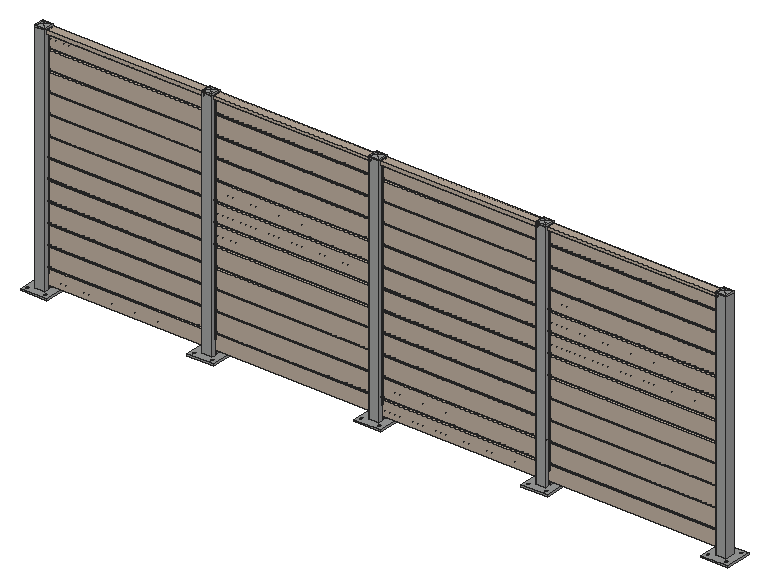
Revit family "Palmshield-Mercury-Solid-Aluminum-Array", category Specialty Equipment, Revit 2025
Family settings
  Round Connector Dimension = Use Diameter
  Part Type = Normal
  OmniClass Number = 23.55.00.00
  OmniClass Title = Manufactured Structures
  Enable Cutting in Views = No
  Cut with Voids When Loaded = No
  Maintain Annotation Orientation = No
  Shared = No
  Room Calculation Point = No
Parameters (values of type "Assembly")
  Warranty URL = "https://palmshieldlouvers.com/wp-content/uploads/2020/01/PalmSHIELD-Warranty-NO-SIGN-LINE.pdf"
  Version = "2020 - v1.0a"  # constant formula
  URL = "https://palmshieldlouvers.com/"
  Type Comments = ""
  Right Post UP [instance] = yes
  Right Post Position [instance] = 3
  Right Post Description [instance] = if(Right Post Position = 1, "Middle Post", if(Right Post Position = 2, "Corner Post", if(Right Post Position = 3, "End Post", "Not a Valid Option")))  # "End Post"
  Right Post DOWN [instance] = not(Right Post UP)  # no
  Left Post UP [instance] = yes
  Left Post Position [instance] = 3
  Left Post DOWN [instance] = not(Left Post UP)  # no
  C Left Post Position [instance] = if(and(Left Post UP, Left Post Position = 2), 3, if(and(Left Post DOWN, Left Post Position = 2), 4, if(Left Post Position = 3, 2, Left Post Position)))  # 2
  Left Post Description [instance] = if(Left Post Position = 1, "Middle Post", if(Left Post Position = 2, "Corner Post", if(Left Post Position = 3, "End Post", "Not a Valid Option")))  # "End Post"
  Left Post [instance] = yes
  Product Page URL = "https://palmshieldlouvers.com/products/augustus-solid/"
  Product Documentation Link = "https://palmshieldlouvers.com/wp-content/uploads/2020/05/PalmSHIELD-Solid-Composite-Technical-Data-Sheet.pdf"
  Post Finish = Metal - PalmSHIELD - Dusty Grey
  Panel Width [instance] = if(Desired Panel Width > C Max Panel Width, C Max Panel Width, if(Desired Panel Width < C Min Panel Width, C Min Panel Width, Desired Panel Width))  # 4' - 0"
  Panel Height [instance] = if(Desired Panel Height > C Max Panel Height, C Max Panel Height, if(Desired Panel Height < C Min Panel Height, C Min Panel Height, Desired Panel Height))  # 6' - 0"
  Model = "Augustus - Aluminum"  # constant formula
  Manufacturer Phone Number = "531-329-4406 "  # constant formula
  Manufacturer Email = "mailto: info@palmshieldlouvers.com"
  Manufacturer Address = "12330 Cary Circle, La Vista, NE 68128"  # constant formula
  Manufacturer = "PalmSHIELD"  # constant formula
  Louver Finsh = Metal - PalmSHIELD - Grey Beige
  Keynote = "05 10 00"
  Instruction Sheet Link = "https://palmshieldlouvers.com/wp-content/uploads/2020/01/PalmSHIELD-Post-Panel-Gate-Installation-Instructions-REV-1.pdf"
  ID [instance] = "Not Assigned"
  Frame Finish = Metal - PalmSHIELD - Dusty Grey
  Filler Panel [instance] = yes
  C Right Post Position [instance] = if(and(Right Post UP, Right Post Position = 2), 3, if(and(Right Post DOWN, Right Post Position = 2), 4, if(Right Post Position = 3, 2, Right Post Position)))  # 2
  Right Post [instance] = yes
  Desired Panel Width [instance] = 4' - 0"
  Desired Panel Height [instance] = 6' - 0"
  Real Length [instance] = if(system length 1 < (C Post Width + C Min Panel Width), (C Post Width + C Min Panel Width), system length 1)  # 17' - 4"
  Description = "Augustus - Aluminum - Panel Assembly"  # constant formula
  system length 1 [instance] = 17' - 4"
  Copyright = "Copyright ©2024 The American Fence Company and PalmSHIELD. All Rights Reserved."  # constant formula
  Component Name [instance] = "Augustus - Aluminum - Panel Assembly"  # constant formula
  C Single Post [instance] = if(C Condition Double, 1 = 1, if(and(Right Post, C Condition Single), 1 = 1, 1 = 0))  # no
  C Single Panel [instance] = or(C Condition Double, C Condition Single)  # no
  C Post Width [instance] = 0' - 3"  # constant formula
  C Multiple Post [instance] = (C Condition Multiple)  # yes
  C Multiple Panels [instance] = (C Condition Multiple)  # yes
  C Min Panel Width [instance] = 4' - 0"  # constant formula
  C Min Panel Height [instance] = C Min Panel Width  # 4' - 0"
  C Max Panel Width [instance] = 6' - 0"  # constant formula
  C Max Panel Height [instance] = 8' - 0"  # constant formula
  C Filler Post [instance] = and(not(C Condition Single), Filler Panel, Right Post, or(C Filler Panel Width = C Min Panel Width, C Filler Panel Width > C Min Panel Width))  # yes
  C Filler Panel Width Calculated [instance] = Real Length - C Calculated Total Length - Panel Width - C Post Width  # 4' - 4"
  C Filler Panel Width [instance] = if(C Filler Panel Width Calculated < C Min Panel Width, C Min Panel Width, if(C Filler Panel Width Calculated > C Max Panel Width, C Max Panel Width, C Filler Panel Width Calculated))  # 4' - 4"
  C Filler Panel [instance] = and(not(C Condition Single), Filler Panel, or(C Filler Panel Width = C Min Panel Width, C Filler Panel Width > C Min Panel Width))  # yes
  C Condition Single [instance] = C Array Count < 1  # no
  C Condition Multiple [instance] = C Array Count > 1  # yes
  C Condition Double [instance] = C Array Count = 1  # no
  C Complete Post [instance] = and(not(C Condition Single), not(Filler Panel), Right Post)  # no
  C Complete Panel [instance] = and(not(C Condition Single), not(Filler Panel))  # no
  C Calculated Total Length [instance] = if(C Array Count < 1, 0' 0", if(C Array Count = 1, C Post Width, Panel Width * (C Array Safe - 1) + C Post Width * (C Array Safe)))  # 8' - 9"
  C Calculated Filler Panel Length [instance] = if(C Array Count < 1, 0' 0", if(or(C Array Count = 2, C Array Count = 1), C Post Width, if(Filler Panel, (C Calculated Total Length - C Post Width - C Filler Panel Width), (C Calculated Total Length - C Post Width - Panel Width))))  # 4' - 2"
  C Array Safe [instance] = if(C Array Count < 2, 2, C Array Count)  # 3
  C Array Count [instance] = if(Filler Panel, roundup(((Real Length - C Min Panel Width) / (Panel Width + C Post Width)) - 1), roundup(((Real Length - (Panel Width)) / (Panel Width + C Post Width)) - 1))  # 3
  Assembly Code = "F1020100"
Reference planes (in)
  plane 1 "Center (Front/Back)": y = 0
  plane 2: z = 0
  plane 3 "Left": x = 0
  plane 4 "Right": x = 208
  plane 5 "Top": z = 72
  plane 6: x = 48
  plane 7: x = 51
  plane 8: x = 99
  plane 9: x = 102
  plane 10: x = -3
  plane 11: x = 153
  plane 12: x = 47
  plane 13: x = 205
  plane 14: x = 201
  plane 15: x = -1.5
  plane 16: x = 208
  plane 17: x = 206.5
  plane 18: x = 202.5
  plane 19: x = 204
  plane 20: x = 49.5
  plane 21: x = 100.5
  plane 22: y = -1.5
  plane 23: y = 1.5
Lines and regions (in)
  reference lines
    curve 1: line (0, 0, 0) -> (208, 0, 0)
Dimensions and locks (in)
  "system length 1": plane 3 "Left" to plane 4 "Right"
  "Panel Width": plane 6 to plane 3 "Left"
  "C Post Width": plane 7 to plane 6
  "Panel Width": plane 8 to plane 7
  "C Post Width": plane 9 to plane 8
  "C Post Width": plane 3 "Left" to plane 10
  "C Calculated Filler Panel Length": plane 12 to plane 10
  "C Filler Panel Width": plane 13 to plane 11
  "Panel Width": plane 14 to plane 11
  "C Calculated Total Length": plane 11 to plane 6
  equal spacing: plane 10, plane 15, plane 3 "Left"
  equal spacing: plane 16, plane 17, plane 13
  "C Post Width": plane 16 to plane 13
  equal spacing: plane 19, plane 18, plane 14
  "C Post Width": plane 19 to plane 14
  equal spacing: plane 9, plane 21, plane 8
  equal spacing: plane 7, plane 20, plane 6
  equal spacing: plane 22, plane 1 "Center (Front/Back)", plane 23
  "C Post Width": plane 22 to plane 23
  "Panel Height": plane 5 "Top" to level
  equal spacing: group 1, group 2, group 3  (x3)
  equal spacing: group 4, group 5, group 6  (x3)
  aligned and locked: plane 4 "Right" to curve 1
  aligned and locked: plane 1 "Center (Front/Back)" to curve 1
  aligned and locked: plane 3 "Left" to curve 1
  aligned and locked: level to plane 2
  aligned and locked: plane 3 "Left" to nested 1
  aligned and locked: nested 3 to plane 14
  aligned and locked: plane 1 "Center (Front/Back)" to nested 5
  aligned and locked: plane 1 "Center (Front/Back)" to nested 4
  aligned and locked: plane 1 "Center (Front/Back)" to nested 7
  aligned and locked: plane 17 to nested 5
  aligned and locked: plane 18 to nested 4
  aligned and locked: plane 20 to nested 7
  aligned and locked: plane 15 to nested 8
  aligned and locked: nested 8 to plane 1 "Center (Front/Back)"
  aligned and locked: plane 1 "Center (Front/Back)" to nested 6
  aligned and locked: plane 3 "Left" to nested 6
  aligned and locked: plane 11 to nested 2
  aligned and locked: plane 1 "Center (Front/Back)" to nested 2
  aligned and locked: plane 7 to nested 11
  aligned and locked: plane 1 "Center (Front/Back)" to nested 11
  aligned and locked: plane 1 "Center (Front/Back)" to nested 1
  aligned and locked: plane 1 "Center (Front/Back)" to nested 3
  aligned and locked: nested 69 to plane 1 "Center (Front/Back)"
  aligned and locked: plane 20 to nested 69
  aligned and locked: nested 73 to plane 1 "Center (Front/Back)"
  aligned and locked: plane 21 to nested 73
Nested families (in)
  nested 1: "Screening-Louver-Assembly-Panel-Palmshield-Mercury_Economic-Solid-Aluminum" at (0, 0, 0), Desired Overall Height <- "Panel Height", Desired Overall Width <- "Panel Width", visible <- "C Single Panel", Component Vis <- "C Single Panel", ID <- "ID", type ""
    with Width 4' - 0", ID "Not Assigned", Height 6' - 0", Desired Overall Width 4' - 0", Desired Overall Height 6' - 0", Desired Bottom Angle 0.00°, Component Vis no, Component Name "Mercury Economic Solid - Aluminum - Panel Assembly", C Min Width 4' - 0", C Min Height 4' - 0", C Max Width 6' - 0", C Max Height 8' - 0", C Angle 0.00°
  nested 2: "Screening-Louver-Assembly-Panel-Palmshield-Mercury_Economic-Solid-Aluminum" at (153, 0, 0), Desired Overall Height <- "Panel Height", Desired Overall Width <- "C Filler Panel Width", visible <- "C Filler Panel", Component Vis <- "C Filler Panel", ID <- "ID", type ""
    with Width 4' - 4", ID "Not Assigned", Height 6' - 0", Desired Overall Width 4' - 4", Desired Overall Height 6' - 0", Desired Bottom Angle 0.00°, Component Vis yes, Component Name "Mercury Economic Solid - Aluminum - Panel Assembly", C Min Width 4' - 0", C Min Height 4' - 0", C Max Width 6' - 0", C Max Height 8' - 0", C Angle 0.00°
  nested 3: "Screening-Louver-Assembly-Panel-Palmshield-Mercury_Economic-Solid-Aluminum" at (153, 0, 0), Desired Overall Height <- "Panel Height", Desired Overall Width <- "Panel Width", visible <- "C Complete Panel", Component Vis <- "C Complete Panel", ID <- "ID", type ""
    with Width 4' - 0", ID "Not Assigned", Height 6' - 0", Desired Overall Width 4' - 0", Desired Overall Height 6' - 0", Desired Bottom Angle 0.00°, Component Vis no, Component Name "Mercury Economic Solid - Aluminum - Panel Assembly", C Min Width 4' - 0", C Min Height 4' - 0", C Max Width 6' - 0", C Max Height 8' - 0", C Angle 0.00°
  nested 4: "Screening-Louver-Assembly-Post-Palmshield-Mercury_Economic-Solid" at (202.5, 0, 0), Desired Overall Height <- "Panel Height", visible <- "C Complete Post", Component Vis <- "C Complete Post", ID <- "ID", type ""
    with Post Position 1, ID "Not Assigned", Height 6' - 0", Desired Overall Height 6' - 0", Component Vis no, Component Name "Mercury Economic Solid - Aluminum - Square Post", C Min Height 3' - 4", C Max Height 8' - 0"
  nested 5: "Screening-Louver-Assembly-Post-Palmshield-Mercury_Economic-Solid" at (206.5, 0, 0), Desired Overall Height <- "Panel Height", visible <- "C Filler Post", Component Vis <- "C Filler Post", ID <- "ID", Post Position <- "C Right Post Position", type ""
    with Post Position 2, ID "Not Assigned", Height 6' - 0", Desired Overall Height 6' - 0", Component Vis yes, Component Name "Mercury Economic Solid - Aluminum - Square Post", C Min Height 3' - 4", C Max Height 8' - 0"
  nested 6: "Screening-Louver-Assembly-Panel-Palmshield-Mercury_Economic-Solid-Aluminum" at (0, 0, 0), Desired Overall Height <- "Panel Height", Desired Overall Width <- "Panel Width", visible <- "C Multiple Panels", Component Vis <- "C Multiple Panels", ID <- "ID", type "Assembly"
    with Width 4' - 0", ID "Not Assigned", Height 6' - 0", Desired Overall Width 4' - 0", Desired Overall Height 6' - 0", Desired Bottom Angle 0.00°, Component Vis yes, Component Name "Mercury Economic Solid - Aluminum - Panel Assembly", C Min Width 4' - 0", C Min Height 4' - 0", C Max Width 6' - 0", C Max Height 8' - 0", C Angle 0.00°
  nested 7: "Screening-Louver-Assembly-Post-Palmshield-Mercury_Economic-Solid" at (49.5, 0, 0), Desired Overall Height <- "Panel Height", visible <- "C Single Post", Component Vis <- "C Single Post", ID <- "ID", type ""
    with Post Position 1, ID "Not Assigned", Height 6' - 0", Desired Overall Height 6' - 0", Component Vis no, Component Name "Mercury Economic Solid - Aluminum - Square Post", C Min Height 3' - 4", C Max Height 8' - 0"
  nested 8: "Screening-Louver-Assembly-Post-Palmshield-Mercury_Economic-Solid" at (-1.5, 0, 0) x (-1, 0, 0) z (0, 0, 1), Desired Overall Height <- "Panel Height", visible <- "Left Post", Component Vis <- "Left Post", ID <- "ID", type ""
    with Post Position 1, ID "Not Assigned", Height 6' - 0", Desired Overall Height 6' - 0", Component Vis yes, Component Name "Mercury Economic Solid - Aluminum - Square Post", C Min Height 3' - 4", C Max Height 8' - 0"
  nested 9: "Nested-Base_Plate-Palmshield-Mercury_Economic-Solid-Vinyl" at (-1.5, 0, 0) x (-1, 0, 0) z (0, 0, 1), type ""
    with Material Metal - PalmSHIELD - Dusty Grey, ID "Not Assigned", Component Name "Mercury Economic Solid - Aluminum - Base Plate"
  nested 10: "Nested-Top_Cap-Palmshield-Mercury_Economic-Solid-Vinyl" at (-1.5, 0, 72) x (-1, 0, 0) z (0, 0, 1), type ""
    with Material Metal - PalmSHIELD - Dusty Grey, ID "Not Assigned", Component Name "Mercury Economic Solid - Aluminum - Top Cap"
  nested 11: "Screening-Louver-Assembly-Panel-Palmshield-Mercury_Economic-Solid-Aluminum" at (51, 0, 0), Desired Overall Height <- "Panel Height", Desired Overall Width <- "Panel Width", visible <- "C Multiple Panels", Component Vis <- "C Multiple Panels", ID <- "ID", type "Assembly"
    with Width 4' - 0", ID "Not Assigned", Height 6' - 0", Desired Overall Width 4' - 0", Desired Overall Height 6' - 0", Desired Bottom Angle 0.00°, Component Vis yes, Component Name "Mercury Economic Solid - Aluminum - Panel Assembly", C Min Width 4' - 0", C Min Height 4' - 0", C Max Width 6' - 0", C Max Height 8' - 0", C Angle 0.00°
  nested 12: "Nested-Louvers-Palmshield-Mercury_Economic-Solid-Aluminum" at (50.5, 0, 6.625) x (0, 1, 0) z (1, 0, 0), type ""
    with Material Metal - PalmSHIELD - Grey Beige, Length 4' - 1", ID "Not Assigned", Field Cut no, Desired Cut Distance 0' - 1 3/4", Component Name "Mercury Economic Solid - Aluminum - Louvers", C Cut Distance 0' - 0 3/4"
  nested 13: "Nested-Louvers-Palmshield-Mercury_Economic-Solid-Aluminum" at (50.5, 0, 36.625) x (0, 1, 0) z (1, 0, 0), type ""
    with Material Metal - PalmSHIELD - Grey Beige, Length 4' - 1", ID "Not Assigned", Field Cut no, Desired Cut Distance 0' - 1 3/4", Component Name "Mercury Economic Solid - Aluminum - Louvers", C Cut Distance 0' - 0 3/4"
  nested 14: "Nested-Louvers-Palmshield-Mercury_Economic-Solid-Aluminum" at (50.5, 0, 42.625) x (0, 1, 0) z (1, 0, 0), type ""
    with Material Metal - PalmSHIELD - Grey Beige, Length 4' - 1", ID "Not Assigned", Field Cut no, Desired Cut Distance 0' - 1 3/4", Component Name "Mercury Economic Solid - Aluminum - Louvers", C Cut Distance 0' - 0 3/4"
  nested 15: "Nested-Louvers-Palmshield-Mercury_Economic-Solid-Aluminum" at (50.5, 0, 48.625) x (0, 1, 0) z (1, 0, 0), type ""
    with Material Metal - PalmSHIELD - Grey Beige, Length 4' - 1", ID "Not Assigned", Field Cut no, Desired Cut Distance 0' - 1 3/4", Component Name "Mercury Economic Solid - Aluminum - Louvers", C Cut Distance 0' - 0 3/4"
  nested 16: "Nested-Louvers-Palmshield-Mercury_Economic-Solid-Aluminum" at (50.5, 0, 54.625) x (0, 1, 0) z (1, 0, 0), type ""
    with Material Metal - PalmSHIELD - Grey Beige, Length 4' - 1", ID "Not Assigned", Field Cut no, Desired Cut Distance 0' - 1 3/4", Component Name "Mercury Economic Solid - Aluminum - Louvers", C Cut Distance 0' - 0 3/4"
  nested 17: "Nested-Louvers-Palmshield-Mercury_Economic-Solid-Aluminum" at (50.5, 0, 60.625) x (0, 1, 0) z (1, 0, 0), type ""
    with Material Metal - PalmSHIELD - Grey Beige, Length 4' - 1", ID "Not Assigned", Field Cut no, Desired Cut Distance 0' - 1 3/4", Component Name "Mercury Economic Solid - Aluminum - Louvers", C Cut Distance 0' - 0 3/4"
  nested 18: "Nested-U_Channel-Palmshield-Mercury_Economic-Solid-Aluminum" at (50.5, 0, 72) x (0, 1, 0) z (1, 0, 0), type ""
    with Material Metal - PalmSHIELD - Grey Beige, Length 4' - 1", ID "Not Assigned", Component Name "Mercury Economic Solid - Aluminum - U Channel"
  nested 19: "Nested-Louvers-Palmshield-Mercury_Economic-Solid-Aluminum" at (50.5, 0, 66.625) x (0, 1, 0) z (1, 0, 0), type ""
    with Material Metal - PalmSHIELD - Grey Beige, Length 4' - 1", ID "Not Assigned", Field Cut yes, Desired Cut Distance 0' - 2 5/8", Component Name "Mercury Economic Solid - Aluminum - Louvers", C Cut Distance 0' - 2 5/8"
  nested 20: "Nested-Louvers-Palmshield-Mercury_Economic-Solid-Aluminum" at (50.5, 0, 6.625) x (0, -1, 0) z (1, 0, 0), type ""
    with Material Metal - PalmSHIELD - Grey Beige, Length 4' - 1", ID "Not Assigned", Field Cut yes, Desired Cut Distance 0' - 2 3/8", Component Name "Mercury Economic Solid - Aluminum - Louvers", C Cut Distance 0' - 2 3/8"
  nested 21: "Nested-Louvers-Palmshield-Mercury_Economic-Solid-Aluminum" at (-0.5, 0, 6.625) x (0, 1, 0) z (1, 0, 0), type ""
    with Material Metal - PalmSHIELD - Grey Beige, Length 4' - 1", ID "Not Assigned", Field Cut no, Desired Cut Distance 0' - 1 3/4", Component Name "Mercury Economic Solid - Aluminum - Louvers", C Cut Distance 0' - 0 3/4"
  nested 22: "Nested-Louvers-Palmshield-Mercury_Economic-Solid-Aluminum" at (-0.5, 0, 36.625) x (0, 1, 0) z (1, 0, 0), type ""
    with Material Metal - PalmSHIELD - Grey Beige, Length 4' - 1", ID "Not Assigned", Field Cut no, Desired Cut Distance 0' - 1 3/4", Component Name "Mercury Economic Solid - Aluminum - Louvers", C Cut Distance 0' - 0 3/4"
  nested 23: "Nested-Louvers-Palmshield-Mercury_Economic-Solid-Aluminum" at (-0.5, 0, 42.625) x (0, 1, 0) z (1, 0, 0), type ""
    with Material Metal - PalmSHIELD - Grey Beige, Length 4' - 1", ID "Not Assigned", Field Cut no, Desired Cut Distance 0' - 1 3/4", Component Name "Mercury Economic Solid - Aluminum - Louvers", C Cut Distance 0' - 0 3/4"
  nested 24: "Nested-Louvers-Palmshield-Mercury_Economic-Solid-Aluminum" at (-0.5, 0, 48.625) x (0, 1, 0) z (1, 0, 0), type ""
    with Material Metal - PalmSHIELD - Grey Beige, Length 4' - 1", ID "Not Assigned", Field Cut no, Desired Cut Distance 0' - 1 3/4", Component Name "Mercury Economic Solid - Aluminum - Louvers", C Cut Distance 0' - 0 3/4"
  nested 25: "Nested-Louvers-Palmshield-Mercury_Economic-Solid-Aluminum" at (-0.5, 0, 54.625) x (0, 1, 0) z (1, 0, 0), type ""
    with Material Metal - PalmSHIELD - Grey Beige, Length 4' - 1", ID "Not Assigned", Field Cut no, Desired Cut Distance 0' - 1 3/4", Component Name "Mercury Economic Solid - Aluminum - Louvers", C Cut Distance 0' - 0 3/4"
  nested 26: "Nested-Louvers-Palmshield-Mercury_Economic-Solid-Aluminum" at (-0.5, 0, 60.625) x (0, 1, 0) z (1, 0, 0), type ""
    with Material Metal - PalmSHIELD - Grey Beige, Length 4' - 1", ID "Not Assigned", Field Cut no, Desired Cut Distance 0' - 1 3/4", Component Name "Mercury Economic Solid - Aluminum - Louvers", C Cut Distance 0' - 0 3/4"
  nested 27: "Nested-U_Channel-Palmshield-Mercury_Economic-Solid-Aluminum" at (-0.5, 0, 72) x (0, 1, 0) z (1, 0, 0), type ""
    with Material Metal - PalmSHIELD - Grey Beige, Length 4' - 1", ID "Not Assigned", Component Name "Mercury Economic Solid - Aluminum - U Channel"
  nested 28: "Nested-Louvers-Palmshield-Mercury_Economic-Solid-Aluminum" at (-0.5, 0, 66.625) x (0, 1, 0) z (1, 0, 0), type ""
    with Material Metal - PalmSHIELD - Grey Beige, Length 4' - 1", ID "Not Assigned", Field Cut yes, Desired Cut Distance 0' - 2 5/8", Component Name "Mercury Economic Solid - Aluminum - Louvers", C Cut Distance 0' - 2 5/8"
  nested 29: "Nested-Louvers-Palmshield-Mercury_Economic-Solid-Aluminum" at (-0.5, 0, 6.625) x (0, -1, 0) z (1, 0, 0), type ""
    with Material Metal - PalmSHIELD - Grey Beige, Length 4' - 1", ID "Not Assigned", Field Cut yes, Desired Cut Distance 0' - 2 3/8", Component Name "Mercury Economic Solid - Aluminum - Louvers", C Cut Distance 0' - 2 3/8"
  nested 30: "Nested-Louvers-Palmshield-Mercury_Economic-Solid-Aluminum" at (152.5, 0, 6.625) x (0, 1, 0) z (1, 0, 0), type ""
    with Material Metal - PalmSHIELD - Grey Beige, Length 4' - 5", ID "Not Assigned", Field Cut no, Desired Cut Distance 0' - 1 3/4", Component Name "Mercury Economic Solid - Aluminum - Louvers", C Cut Distance 0' - 0 3/4"
  nested 31: "Nested-Louvers-Palmshield-Mercury_Economic-Solid-Aluminum" at (152.5, 0, 36.625) x (0, 1, 0) z (1, 0, 0), type ""
    with Material Metal - PalmSHIELD - Grey Beige, Length 4' - 5", ID "Not Assigned", Field Cut no, Desired Cut Distance 0' - 1 3/4", Component Name "Mercury Economic Solid - Aluminum - Louvers", C Cut Distance 0' - 0 3/4"
  nested 32: "Nested-Louvers-Palmshield-Mercury_Economic-Solid-Aluminum" at (152.5, 0, 42.625) x (0, 1, 0) z (1, 0, 0), type ""
    with Material Metal - PalmSHIELD - Grey Beige, Length 4' - 5", ID "Not Assigned", Field Cut no, Desired Cut Distance 0' - 1 3/4", Component Name "Mercury Economic Solid - Aluminum - Louvers", C Cut Distance 0' - 0 3/4"
  nested 33: "Nested-Louvers-Palmshield-Mercury_Economic-Solid-Aluminum" at (152.5, 0, 48.625) x (0, 1, 0) z (1, 0, 0), type ""
    with Material Metal - PalmSHIELD - Grey Beige, Length 4' - 5", ID "Not Assigned", Field Cut no, Desired Cut Distance 0' - 1 3/4", Component Name "Mercury Economic Solid - Aluminum - Louvers", C Cut Distance 0' - 0 3/4"
  nested 34: "Nested-Louvers-Palmshield-Mercury_Economic-Solid-Aluminum" at (152.5, 0, 54.625) x (0, 1, 0) z (1, 0, 0), type ""
    with Material Metal - PalmSHIELD - Grey Beige, Length 4' - 5", ID "Not Assigned", Field Cut no, Desired Cut Distance 0' - 1 3/4", Component Name "Mercury Economic Solid - Aluminum - Louvers", C Cut Distance 0' - 0 3/4"
  nested 35: "Nested-Louvers-Palmshield-Mercury_Economic-Solid-Aluminum" at (152.5, 0, 60.625) x (0, 1, 0) z (1, 0, 0), type ""
    with Material Metal - PalmSHIELD - Grey Beige, Length 4' - 5", ID "Not Assigned", Field Cut no, Desired Cut Distance 0' - 1 3/4", Component Name "Mercury Economic Solid - Aluminum - Louvers", C Cut Distance 0' - 0 3/4"
  nested 36: "Nested-U_Channel-Palmshield-Mercury_Economic-Solid-Aluminum" at (152.5, 0, 72) x (0, 1, 0) z (1, 0, 0), type ""
    with Material Metal - PalmSHIELD - Grey Beige, Length 4' - 5", ID "Not Assigned", Component Name "Mercury Economic Solid - Aluminum - U Channel"
  nested 37: "Nested-Louvers-Palmshield-Mercury_Economic-Solid-Aluminum" at (152.5, 0, 66.625) x (0, 1, 0) z (1, 0, 0), type ""
    with Material Metal - PalmSHIELD - Grey Beige, Length 4' - 5", ID "Not Assigned", Field Cut yes, Desired Cut Distance 0' - 2 5/8", Component Name "Mercury Economic Solid - Aluminum - Louvers", C Cut Distance 0' - 2 5/8"
  nested 38: "Nested-Louvers-Palmshield-Mercury_Economic-Solid-Aluminum" at (152.5, 0, 6.625) x (0, -1, 0) z (1, 0, 0), type ""
    with Material Metal - PalmSHIELD - Grey Beige, Length 4' - 5", ID "Not Assigned", Field Cut yes, Desired Cut Distance 0' - 2 3/8", Component Name "Mercury Economic Solid - Aluminum - Louvers", C Cut Distance 0' - 2 3/8"
  nested 39: "Nested-Base_Plate-Palmshield-Mercury_Economic-Solid-Vinyl" at (206.5, 0, 0), type ""
    with Material Metal - PalmSHIELD - Dusty Grey, ID "Not Assigned", Component Name "Mercury Economic Solid - Aluminum - Base Plate"
  nested 40: "Nested-Top_Cap-Palmshield-Mercury_Economic-Solid-Vinyl" at (206.5, 0, 72), type ""
    with Material Metal - PalmSHIELD - Dusty Grey, ID "Not Assigned", Component Name "Mercury Economic Solid - Aluminum - Top Cap"
  nested 41: "Screening-Louver-Assembly-Panel-Palmshield-Mercury_Economic-Solid-Aluminum" at (102, 0, 0), Desired Overall Height <- "Panel Height", Desired Overall Width <- "Panel Width", visible <- "C Multiple Panels", Component Vis <- "C Multiple Panels", ID <- "ID", type "Assembly"
    with Width 4' - 0", ID "Not Assigned", Height 6' - 0", Desired Overall Width 4' - 0", Desired Overall Height 6' - 0", Desired Bottom Angle 0.00°, Component Vis yes, Component Name "Mercury Economic Solid - Aluminum - Panel Assembly", C Min Width 4' - 0", C Min Height 4' - 0", C Max Width 6' - 0", C Max Height 8' - 0", C Angle 0.00°
  nested 42: "Nested-Louvers-Palmshield-Mercury_Economic-Solid-Aluminum" at (101.5, 0, 6.625) x (0, 1, 0) z (1, 0, 0), type ""
    with Material Metal - PalmSHIELD - Grey Beige, Length 4' - 1", ID "Not Assigned", Field Cut no, Desired Cut Distance 0' - 1 3/4", Component Name "Mercury Economic Solid - Aluminum - Louvers", C Cut Distance 0' - 0 3/4"
  nested 43: "Nested-Louvers-Palmshield-Mercury_Economic-Solid-Aluminum" at (101.5, 0, 36.625) x (0, 1, 0) z (1, 0, 0), type ""
    with Material Metal - PalmSHIELD - Grey Beige, Length 4' - 1", ID "Not Assigned", Field Cut no, Desired Cut Distance 0' - 1 3/4", Component Name "Mercury Economic Solid - Aluminum - Louvers", C Cut Distance 0' - 0 3/4"
  nested 44: "Nested-Louvers-Palmshield-Mercury_Economic-Solid-Aluminum" at (101.5, 0, 42.625) x (0, 1, 0) z (1, 0, 0), type ""
    with Material Metal - PalmSHIELD - Grey Beige, Length 4' - 1", ID "Not Assigned", Field Cut no, Desired Cut Distance 0' - 1 3/4", Component Name "Mercury Economic Solid - Aluminum - Louvers", C Cut Distance 0' - 0 3/4"
  nested 45: "Nested-Louvers-Palmshield-Mercury_Economic-Solid-Aluminum" at (101.5, 0, 48.625) x (0, 1, 0) z (1, 0, 0), type ""
    with Material Metal - PalmSHIELD - Grey Beige, Length 4' - 1", ID "Not Assigned", Field Cut no, Desired Cut Distance 0' - 1 3/4", Component Name "Mercury Economic Solid - Aluminum - Louvers", C Cut Distance 0' - 0 3/4"
  nested 46: "Nested-Louvers-Palmshield-Mercury_Economic-Solid-Aluminum" at (101.5, 0, 54.625) x (0, 1, 0) z (1, 0, 0), type ""
    with Material Metal - PalmSHIELD - Grey Beige, Length 4' - 1", ID "Not Assigned", Field Cut no, Desired Cut Distance 0' - 1 3/4", Component Name "Mercury Economic Solid - Aluminum - Louvers", C Cut Distance 0' - 0 3/4"
  nested 47: "Nested-Louvers-Palmshield-Mercury_Economic-Solid-Aluminum" at (101.5, 0, 60.625) x (0, 1, 0) z (1, 0, 0), type ""
    with Material Metal - PalmSHIELD - Grey Beige, Length 4' - 1", ID "Not Assigned", Field Cut no, Desired Cut Distance 0' - 1 3/4", Component Name "Mercury Economic Solid - Aluminum - Louvers", C Cut Distance 0' - 0 3/4"
  nested 48: "Nested-U_Channel-Palmshield-Mercury_Economic-Solid-Aluminum" at (101.5, 0, 72) x (0, 1, 0) z (1, 0, 0), type ""
    with Material Metal - PalmSHIELD - Grey Beige, Length 4' - 1", ID "Not Assigned", Component Name "Mercury Economic Solid - Aluminum - U Channel"
  nested 49: "Nested-Louvers-Palmshield-Mercury_Economic-Solid-Aluminum" at (101.5, 0, 66.625) x (0, 1, 0) z (1, 0, 0), type ""
    with Material Metal - PalmSHIELD - Grey Beige, Length 4' - 1", ID "Not Assigned", Field Cut yes, Desired Cut Distance 0' - 2 5/8", Component Name "Mercury Economic Solid - Aluminum - Louvers", C Cut Distance 0' - 2 5/8"
  nested 50: "Nested-Louvers-Palmshield-Mercury_Economic-Solid-Aluminum" at (101.5, 0, 6.625) x (0, -1, 0) z (1, 0, 0), type ""
    with Material Metal - PalmSHIELD - Grey Beige, Length 4' - 1", ID "Not Assigned", Field Cut yes, Desired Cut Distance 0' - 2 3/8", Component Name "Mercury Economic Solid - Aluminum - Louvers", C Cut Distance 0' - 2 3/8"
  nested 51: "Nested-Square_Post-Palmshield-Mercury_Economic-Solid-Vinyl" at (206.5, 0, 0.5), type ""
    with Post Position 2, Middle Post no, Material Metal - PalmSHIELD - Dusty Grey, Length 5' - 11 1/2", ID "", End Post yes, Corner Post Up no, Corner Post Down no, Component Name "Mercury Economic Solid - Aluminum - Post"
  nested 52: "Nested-Square_Post-Palmshield-Mercury_Economic-Solid-Vinyl" at (-1.5, 0, 0.5) x (-1, 0, 0) z (0, 0, 1), type ""
    with Post Position 1, Middle Post yes, Material Metal - PalmSHIELD - Dusty Grey, Length 5' - 11 1/2", ID "", End Post no, Corner Post Up no, Corner Post Down no, Component Name "Mercury Economic Solid - Aluminum - Post"
  nested 53: "Nested-Louvers-Palmshield-Mercury_Economic-Solid-Aluminum" at (152.5, 0, 12.625) x (0, 1, 0) z (1, 0, 0), type ""
    with Material Metal - PalmSHIELD - Grey Beige, Length 4' - 5", ID "Not Assigned", Field Cut no, Desired Cut Distance 0' - 1 3/4", Component Name "Mercury Economic Solid - Aluminum - Louvers", C Cut Distance 0' - 0 3/4"
  nested 54: "Nested-Louvers-Palmshield-Mercury_Economic-Solid-Aluminum" at (152.5, 0, 18.625) x (0, 1, 0) z (1, 0, 0), type ""
    with Material Metal - PalmSHIELD - Grey Beige, Length 4' - 5", ID "Not Assigned", Field Cut no, Desired Cut Distance 0' - 1 3/4", Component Name "Mercury Economic Solid - Aluminum - Louvers", C Cut Distance 0' - 0 3/4"
  nested 55: "Nested-Louvers-Palmshield-Mercury_Economic-Solid-Aluminum" at (152.5, 0, 24.625) x (0, 1, 0) z (1, 0, 0), type ""
    with Material Metal - PalmSHIELD - Grey Beige, Length 4' - 5", ID "Not Assigned", Field Cut no, Desired Cut Distance 0' - 1 3/4", Component Name "Mercury Economic Solid - Aluminum - Louvers", C Cut Distance 0' - 0 3/4"
  nested 56: "Nested-Louvers-Palmshield-Mercury_Economic-Solid-Aluminum" at (152.5, 0, 30.625) x (0, 1, 0) z (1, 0, 0), type ""
    with Material Metal - PalmSHIELD - Grey Beige, Length 4' - 5", ID "Not Assigned", Field Cut no, Desired Cut Distance 0' - 1 3/4", Component Name "Mercury Economic Solid - Aluminum - Louvers", C Cut Distance 0' - 0 3/4"
  nested 57: "Nested-Louvers-Palmshield-Mercury_Economic-Solid-Aluminum" at (-0.5, 0, 12.625) x (0, 1, 0) z (1, 0, 0), type ""
    with Material Metal - PalmSHIELD - Grey Beige, Length 4' - 1", ID "Not Assigned", Field Cut no, Desired Cut Distance 0' - 1 3/4", Component Name "Mercury Economic Solid - Aluminum - Louvers", C Cut Distance 0' - 0 3/4"
  nested 58: "Nested-Louvers-Palmshield-Mercury_Economic-Solid-Aluminum" at (-0.5, 0, 18.625) x (0, 1, 0) z (1, 0, 0), type ""
    with Material Metal - PalmSHIELD - Grey Beige, Length 4' - 1", ID "Not Assigned", Field Cut no, Desired Cut Distance 0' - 1 3/4", Component Name "Mercury Economic Solid - Aluminum - Louvers", C Cut Distance 0' - 0 3/4"
  nested 59: "Nested-Louvers-Palmshield-Mercury_Economic-Solid-Aluminum" at (-0.5, 0, 24.625) x (0, 1, 0) z (1, 0, 0), type ""
    with Material Metal - PalmSHIELD - Grey Beige, Length 4' - 1", ID "Not Assigned", Field Cut no, Desired Cut Distance 0' - 1 3/4", Component Name "Mercury Economic Solid - Aluminum - Louvers", C Cut Distance 0' - 0 3/4"
  nested 60: "Nested-Louvers-Palmshield-Mercury_Economic-Solid-Aluminum" at (-0.5, 0, 30.625) x (0, 1, 0) z (1, 0, 0), type ""
    with Material Metal - PalmSHIELD - Grey Beige, Length 4' - 1", ID "Not Assigned", Field Cut no, Desired Cut Distance 0' - 1 3/4", Component Name "Mercury Economic Solid - Aluminum - Louvers", C Cut Distance 0' - 0 3/4"
  nested 61: "Nested-Louvers-Palmshield-Mercury_Economic-Solid-Aluminum" at (50.5, 0, 12.625) x (0, 1, 0) z (1, 0, 0), type ""
    with Material Metal - PalmSHIELD - Grey Beige, Length 4' - 1", ID "Not Assigned", Field Cut no, Desired Cut Distance 0' - 1 3/4", Component Name "Mercury Economic Solid - Aluminum - Louvers", C Cut Distance 0' - 0 3/4"
  nested 62: "Nested-Louvers-Palmshield-Mercury_Economic-Solid-Aluminum" at (50.5, 0, 18.625) x (0, 1, 0) z (1, 0, 0), type ""
    with Material Metal - PalmSHIELD - Grey Beige, Length 4' - 1", ID "Not Assigned", Field Cut no, Desired Cut Distance 0' - 1 3/4", Component Name "Mercury Economic Solid - Aluminum - Louvers", C Cut Distance 0' - 0 3/4"
  nested 63: "Nested-Louvers-Palmshield-Mercury_Economic-Solid-Aluminum" at (50.5, 0, 24.625) x (0, 1, 0) z (1, 0, 0), type ""
    with Material Metal - PalmSHIELD - Grey Beige, Length 4' - 1", ID "Not Assigned", Field Cut no, Desired Cut Distance 0' - 1 3/4", Component Name "Mercury Economic Solid - Aluminum - Louvers", C Cut Distance 0' - 0 3/4"
  nested 64: "Nested-Louvers-Palmshield-Mercury_Economic-Solid-Aluminum" at (50.5, 0, 30.625) x (0, 1, 0) z (1, 0, 0), type ""
    with Material Metal - PalmSHIELD - Grey Beige, Length 4' - 1", ID "Not Assigned", Field Cut no, Desired Cut Distance 0' - 1 3/4", Component Name "Mercury Economic Solid - Aluminum - Louvers", C Cut Distance 0' - 0 3/4"
  nested 65: "Nested-Louvers-Palmshield-Mercury_Economic-Solid-Aluminum" at (101.5, 0, 12.625) x (0, 1, 0) z (1, 0, 0), type ""
    with Material Metal - PalmSHIELD - Grey Beige, Length 4' - 1", ID "Not Assigned", Field Cut no, Desired Cut Distance 0' - 1 3/4", Component Name "Mercury Economic Solid - Aluminum - Louvers", C Cut Distance 0' - 0 3/4"
  nested 66: "Nested-Louvers-Palmshield-Mercury_Economic-Solid-Aluminum" at (101.5, 0, 18.625) x (0, 1, 0) z (1, 0, 0), type ""
    with Material Metal - PalmSHIELD - Grey Beige, Length 4' - 1", ID "Not Assigned", Field Cut no, Desired Cut Distance 0' - 1 3/4", Component Name "Mercury Economic Solid - Aluminum - Louvers", C Cut Distance 0' - 0 3/4"
  nested 67: "Nested-Louvers-Palmshield-Mercury_Economic-Solid-Aluminum" at (101.5, 0, 24.625) x (0, 1, 0) z (1, 0, 0), type ""
    with Material Metal - PalmSHIELD - Grey Beige, Length 4' - 1", ID "Not Assigned", Field Cut no, Desired Cut Distance 0' - 1 3/4", Component Name "Mercury Economic Solid - Aluminum - Louvers", C Cut Distance 0' - 0 3/4"
  nested 68: "Nested-Louvers-Palmshield-Mercury_Economic-Solid-Aluminum" at (101.5, 0, 30.625) x (0, 1, 0) z (1, 0, 0), type ""
    with Material Metal - PalmSHIELD - Grey Beige, Length 4' - 1", ID "Not Assigned", Field Cut no, Desired Cut Distance 0' - 1 3/4", Component Name "Mercury Economic Solid - Aluminum - Louvers", C Cut Distance 0' - 0 3/4"
  nested 69: "Screening-Louver-Assembly-Post-Palmshield-Mercury_Economic-Solid" at (49.5, 0, 0) x (-1, 0, 0) z (0, 0, 1), Desired Overall Height <- "Panel Height", visible <- "Left Post", Component Vis <- "Left Post", ID <- "ID", type ""
    with Post Position 1, ID "Not Assigned", Height 6' - 0", Desired Overall Height 6' - 0", Component Vis yes, Component Name "Mercury Economic Solid - Aluminum - Square Post", C Min Height 3' - 4", C Max Height 8' - 0"
  nested 70: "Nested-Base_Plate-Palmshield-Mercury_Economic-Solid-Vinyl" at (49.5, 0, 0) x (-1, 0, 0) z (0, 0, 1), type ""
    with Material Metal - PalmSHIELD - Dusty Grey, ID "Not Assigned", Component Name "Mercury Economic Solid - Aluminum - Base Plate"
  nested 71: "Nested-Top_Cap-Palmshield-Mercury_Economic-Solid-Vinyl" at (49.5, 0, 72) x (-1, 0, 0) z (0, 0, 1), type ""
    with Material Metal - PalmSHIELD - Dusty Grey, ID "Not Assigned", Component Name "Mercury Economic Solid - Aluminum - Top Cap"
  nested 72: "Nested-Square_Post-Palmshield-Mercury_Economic-Solid-Vinyl" at (49.5, 0, 0.5) x (-1, 0, 0) z (0, 0, 1), type ""
    with Post Position 1, Middle Post yes, Material Metal - PalmSHIELD - Dusty Grey, Length 5' - 11 1/2", ID "", End Post no, Corner Post Up no, Corner Post Down no, Component Name "Mercury Economic Solid - Aluminum - Post"
  nested 73: "Screening-Louver-Assembly-Post-Palmshield-Mercury_Economic-Solid" at (100.5, 0, 0) x (-1, 0, 0) z (0, 0, 1), Desired Overall Height <- "Panel Height", visible <- "Left Post", Component Vis <- "Left Post", ID <- "ID", type ""
    with Post Position 1, ID "Not Assigned", Height 6' - 0", Desired Overall Height 6' - 0", Component Vis yes, Component Name "Mercury Economic Solid - Aluminum - Square Post", C Min Height 3' - 4", C Max Height 8' - 0"
  nested 74: "Nested-Base_Plate-Palmshield-Mercury_Economic-Solid-Vinyl" at (100.5, 0, 0) x (-1, 0, 0) z (0, 0, 1), type ""
    with Material Metal - PalmSHIELD - Dusty Grey, ID "Not Assigned", Component Name "Mercury Economic Solid - Aluminum - Base Plate"
  nested 75: "Nested-Top_Cap-Palmshield-Mercury_Economic-Solid-Vinyl" at (100.5, 0, 72) x (-1, 0, 0) z (0, 0, 1), type ""
    with Material Metal - PalmSHIELD - Dusty Grey, ID "Not Assigned", Component Name "Mercury Economic Solid - Aluminum - Top Cap"
  nested 76: "Nested-Square_Post-Palmshield-Mercury_Economic-Solid-Vinyl" at (100.5, 0, 0.5) x (-1, 0, 0) z (0, 0, 1), type ""
    with Post Position 1, Middle Post yes, Material Metal - PalmSHIELD - Dusty Grey, Length 5' - 11 1/2", ID "", End Post no, Corner Post Up no, Corner Post Down no, Component Name "Mercury Economic Solid - Aluminum - Post"
  nested 77: "Screening-Louver-Assembly-Post-Palmshield-Mercury_Economic-Solid" at (151.5, 0, 0) x (-1, 0, 0) z (0, 0, 1), Desired Overall Height <- "Panel Height", visible <- "Left Post", Component Vis <- "Left Post", ID <- "ID", type ""
    with Post Position 1, ID "Not Assigned", Height 6' - 0", Desired Overall Height 6' - 0", Component Vis yes, Component Name "Mercury Economic Solid - Aluminum - Square Post", C Min Height 3' - 4", C Max Height 8' - 0"
  nested 78: "Nested-Base_Plate-Palmshield-Mercury_Economic-Solid-Vinyl" at (151.5, 0, 0) x (-1, 0, 0) z (0, 0, 1), type ""
    with Material Metal - PalmSHIELD - Dusty Grey, ID "Not Assigned", Component Name "Mercury Economic Solid - Aluminum - Base Plate"
  nested 79: "Nested-Top_Cap-Palmshield-Mercury_Economic-Solid-Vinyl" at (151.5, 0, 72) x (-1, 0, 0) z (0, 0, 1), type ""
    with Material Metal - PalmSHIELD - Dusty Grey, ID "Not Assigned", Component Name "Mercury Economic Solid - Aluminum - Top Cap"
  nested 80: "Nested-Square_Post-Palmshield-Mercury_Economic-Solid-Vinyl" at (151.5, 0, 0.5) x (-1, 0, 0) z (0, 0, 1), type ""
    with Post Position 1, Middle Post yes, Material Metal - PalmSHIELD - Dusty Grey, Length 5' - 11 1/2", ID "", End Post no, Corner Post Up no, Corner Post Down no, Component Name "Mercury Economic Solid - Aluminum - Post"
Definition of nested family "Nested-Base_Plate-Palmshield-Mercury_Economic-Solid-Vinyl"
  Parameters (values of type "8" x 8" x 1/2"")
    Width = 0' - 8"  # constant formula
    Warranty URL = "https://palmshieldlouvers.com/wp-content/uploads/2020/01/PalmSHIELD-Warranty-NO-SIGN-LINE.pdf"
    Version = "2020 - v1.0a"  # constant formula
    URL = "https://palmshieldlouvers.com/"
    Thickness = 0' - 0 1/2"  # constant formula
    Product Page URL = "Contact Manufacturer for More Information"
    Product Documentation Link = "Contact Manufacturer for More Information"
    Model = "Mercury Economic Solid"  # constant formula
    Material [instance] = none
    Manufacturer Phone Number = "531-329-4406 "  # constant formula
    Manufacturer Fax Number = "Consult Manufacturer Website for More Information"  # constant formula
    Manufacturer Email = "mailto: info@palmshieldlouvers.com"
    Manufacturer Address = "12330 Cary Circle, La Vista, NE 68128"  # constant formula
    Manufacturer = "PalmSHIELD"  # constant formula
    Keynote = "05 10 00"
    ID [instance] = ""
    Hole Diameter = 0' - 0 3/4"  # constant formula
    Description = "Mercury Economic Solid - Aluminum - Base Plate"  # constant formula
    Default Elevation = 4' - 0"
    Copyright = "©2023 The American Fence Company and PalmSHIELD. All Rights Reserved."  # constant formula
    Component Name [instance] = "Mercury Economic Solid - Aluminum - Base Plate"  # constant formula
    C Hole Offset = 0' - 1 1/4"  # constant formula
    Assembly Code = "F1020100"
  Reference planes (in)
    plane 1 "Center (Front/Back)": y = 0
    plane 2: z = 0
    plane 3 "Center (Left/Right)": x = 0
    plane 4: y = 4
    plane 5: x = 4
    plane 6: y = -4
    plane 7: x = -4
    plane 8: z = 0.5
  Forms (in)
    Extrusion 1, solid
      sketch origin (0, 0, 0) x (1, 0, 0) y (0, 1, 0)
        loop
          line (-48, 48) -> (-48, -48) -> (48, -48) -> (48, 48) -> (-48, 48)
      from 0 to -12
    Extrusion 2, solid, material <- "Material"
      sketch origin (0, 0, 0) x (1, 0, 0) y (0, 1, 0)
        loop
          line (-4, 4) -> (-4, -4) -> (4, -4) -> (4, 4) -> (-4, 4)
        loop
          circle (-2.75, 2.75) r 0.375
        loop
          circle (2.75, 2.75) r 0.375
        loop
          circle (-2.75, -2.75) r 0.375
        loop
          circle (2.75, -2.75) r 0.375
      from 0 to 0.5
  Dimensions and locks (in)
    equal spacing: plane 7, plane 3 "Center (Left/Right)", plane 5
    equal spacing: plane 4, plane 1 "Center (Front/Back)", plane 6
    "Width": plane 7 to plane 5
    "Width": plane 4 to plane 6
    "C Hole Offset": plane 7 to Extrusion 2 sketch curve  (x2)
    "C Hole Offset": Extrusion 2 sketch curve to plane 5  (x2)
    "C Hole Offset": plane 4 to Extrusion 2 sketch curve  (x2)
    "C Hole Offset": plane 6 to Extrusion 2 sketch curve  (x2)
    "Thickness": plane 8 to plane 2
    "Hole Diameter": radius of Extrusion 2 sketch curve  (x4)
    aligned and locked: plane 2 to Extrusion 1
    aligned and locked: level to Extrusion 1
    aligned and locked: Extrusion 2 sketch curve to plane 4
    aligned and locked: plane 7 to Extrusion 2 sketch curve
    aligned and locked: Extrusion 2 sketch curve to plane 6
    aligned and locked: Extrusion 2 sketch curve to plane 5
    aligned and locked: plane 8 to Extrusion 2
  Automatic sketch dimensions
    Extrusion 1 sketch curve to Extrusion 1 sketch curve = 8' - 0"  (x2)
Definition of nested family "Nested-Top_Cap-Palmshield-Mercury_Economic-Solid-Vinyl"
  Parameters (values of type "3" x 3" x 3/4"")
    Width = 0' - 3"  # constant formula
    Warranty URL = "https://palmshieldlouvers.com/wp-content/uploads/2020/01/PalmSHIELD-Warranty-NO-SIGN-LINE.pdf"
    Version = "2020 - v1.0a"  # constant formula
    URL = "https://palmshieldlouvers.com/"
    Thickness = 0' - 0 3/4"  # constant formula
    Product Page URL = "Contact Manufacturer for More Information"
    Product Documentation Link = "Contact Manufacturer for More Information"
    Model = "Mercury Economic Solid"  # constant formula
    Material [instance] = none
    Manufacturer Phone Number = "531-329-4406 "  # constant formula
    Manufacturer Fax Number = "Consult Manufacturer Website for More Information"  # constant formula
    Manufacturer Email = "mailto: info@palmshieldlouvers.com"
    Manufacturer Address = "12330 Cary Circle, La Vista, NE 68128"  # constant formula
    Manufacturer = "PalmSHIELD"  # constant formula
    Keynote = "05 10 00"
    ID [instance] = ""
    Description = "Mercury Economic Solid - Aluminum - Top Cap"  # constant formula
    Default Elevation = 4' - 0"
    Copyright = "©2023 The American Fence Company and PalmSHIELD. All Rights Reserved."  # constant formula
    Component Name [instance] = "Mercury Economic Solid - Aluminum - Top Cap"  # constant formula
    Assembly Code = "F1020100"
  Reference planes (in)
    plane 1 "Center (Front/Back)": y = 0
    plane 2: z = 0
    plane 3 "Center (Left/Right)": x = 0
  Forms (in)
    Extrusion 1, solid
      sketch origin (0, 0, 0) x (1, 0, 0) y (0, 1, 0)
        loop
          line (-48, 48) -> (-48, -48) -> (48, -48) -> (48, 48) -> (-48, 48)
      from 0 to -12
    Extrusion 2, solid, material <- "Material"
      sketch origin (0, 0, 0) x (1, 0, 0) y (0, 0, 1)
        loop
          line (-1.5, 0.375) -> (-1.5, 0) -> (1.5, 0) -> (1.5, 0.375) -> (-1.5, 0.375)
      from -1.5 to 1.5
    Extrusion 3, solid, material <- "Material"
      sketch origin (0, 0, 0.375) x (1, 0, 0) y (0, 0, 1)
        loop
          line (-1.5, 0.375) -> (-1.5, 0) -> (1.5, 0) -> (1.5, 0.375) -> (-1.5, 0.375)
      from -1.5 to 1.5
    Extrusion 4, void
      sketch origin (0, 0, 0) x (1, 0, 0) y (0, 0, 1)
        loop
          line (-1.5, 0.375) -> (0, 0.75) -> (1.5, 0.375) -> (1.5, 1.19559) -> (-1.5, 1.19559) -> (-1.5, 0.375)
      from -1.71068 to 1.80879
    Extrusion 5, void
      sketch origin (0, 0, 0) x (0, -1, 0) y (0, 0, -1)
        loop
          line (-1.5, -0.375) -> (-1.5, -1.19559) -> (1.5, -1.19559) -> (1.5, -0.375) -> (0, -0.75) -> (-1.5, -0.375)
      from -1.71068 to 1.80879
  Cuts and joins
    Extrusion 4, Extrusion 5 cuts Extrusion 3
  Dimensions and locks (in)
    aligned and locked: plane 2 to Extrusion 1
    aligned and locked: level to Extrusion 1
Definition of nested family "Nested-Louvers-Palmshield-Mercury_Economic-Solid-Aluminum"
  Parameters (values of type "6063 T6 ALUM 6" TONGUE AND GROOVE INFILL")
    Width = 0' - 6"  # constant formula
    Warranty URL = "https://palmshieldlouvers.com/wp-content/uploads/2020/01/PalmSHIELD-Warranty-NO-SIGN-LINE.pdf"
    Version = "2020 - v1.0a"  # constant formula
    URL = "https://palmshieldlouvers.com/"
    Thickness = 0' - 0 15/16"  # constant formula
    Product Page URL = "Contact Manufacturer for More Information"
    Product Documentation Link = "Contact Manufacturer for More Information"
    Model = "Mercury Economic Solid"  # constant formula
    Material [instance] = none
    Manufacturer Phone Number = "531-329-4406 "  # constant formula
    Manufacturer Fax Number = "Consult Manufacturer Website for More Information"  # constant formula
    Manufacturer Email = "mailto: info@palmshieldlouvers.com"
    Manufacturer Address = "12330 Cary Circle, La Vista, NE 68128"  # constant formula
    Manufacturer = "PalmSHIELD"  # constant formula
    Length [instance] = 4' - 4.86713"
    Keynote = "05 10 00"
    Instruction Sheet Link = "Contact Manufacturer for More Information"
    ID [instance] = ""
    Field Cut [instance] = no
    Desired Cut Distance [instance] = 0' - 1 3/4"
    Description = "Mercury Economic Solid - Louvers"  # constant formula
    Default Elevation = 4' - 0"
    Copyright = "Copyright ©2024 The American Fence Company and PalmSHIELD. All Rights Reserved."  # constant formula
    Component Name [instance] = "Mercury Economic Solid - Aluminum - Louvers"  # constant formula
    C Cut Distance [instance] = if(not(Field Cut), 0' 0 3/4", if(Field Cut, (if(Desired Cut Distance < 0' 0 3/4", 0' 0 3/4", if(Desired Cut Distance > 0' 6 3/4", 0' 6 3/4", Desired Cut Distance))), 0' 0 3/4"))  # 0' - 0 3/4"
    Assembly Code = "F1020100"
  Reference planes (in)
    plane 1 "Center (Front/Back)": y = 0
    plane 2: z = 0
    plane 3 "Center (Left/Right)": x = 0
    plane 4: z = 52.86713
    plane 5: y = 6
    plane 6: y = 7
  Forms (in)
    Extrusion 1, solid
      sketch origin (0, 0, 0) x (1, 0, 0) y (0, 1, 0)
        loop
          line (-48, 48) -> (-48, -48) -> (48, -48) -> (48, 48) -> (-48, 48)
      from 0 to -12
    Sweep 2, solid, material <- "Material", detail levels medium+fine
      path origin (0, 0, 0) x (0, 1, 0) y (0, 0, 1)
        loop
          line (0, 0) -> (0, 52.86713)
      profile "Profile-Palmshield-Louver : 6063 T6 ALUM 6" TONGUE AND GROOVE INFILL" origin (0, 0, 26.43357) x (0, -1, 0) y (1, 0, 0)
        loop
          line (-3.03125, -0.4065) -> (-3.03125, 0.4065) -> (-5.72411, 0.4065) -> (-5.9375, 0.19311) -> (-5.9375, 0.0625) -> (-5.6875, 0.0625) -> (-5.6875, -0.1875) -> (-5.94311, -0.1875) -> (-5.72411, -0.4065) -> (-3.03125, -0.4065)
        loop
          line (-0.27589, -0.4065) -> (-0.0625, -0.19311) -> (-0.0625, -0.0625) -> (-0.3125, -0.0625) -> (-0.3125, 0.1875) -> (-0.05689, 0.1875) -> (-0.27589, 0.4065) -> (-2.96875, 0.4065) -> (-2.96875, -0.4065) -> (-0.27589, -0.4065)
        loop
          line (0.25, 0) -> (-0.25, 0) -> (-0.25, 0.125) -> (0, 0.125) -> (0, 0.219) -> (-0.25, 0.469) -> (-5.75, 0.469) -> (-6, 0.219) -> (-6, 0.125) -> (-6.25, 0.125) -> (-6.25, 0) -> (-5.75, 0) -> (-5.75, -0.125) -> (-6, -0.125) -> (-6, -0.219) -> (-5.75, -0.469) -> (-0.25, -0.469) -> (0, -0.219) -> (0, -0.125) -> (0.25, -0.125) -> (0.25, 0)
    Extrusion 3, solid, material <- "Material", detail levels coarse
      sketch origin (0, 0, 0) x (1, 0, 0) y (0, 1, 0)
        loop
          line (0.469, 5.75) -> (0.219, 6) -> (0.125, 6) -> (0.125, 6.25) -> (0, 6.25) -> (0, 5.75) -> (-0.125, 5.75) -> (-0.125, 6) -> (-0.219, 6) -> (-0.469, 5.75) -> (-0.469, 0.25) -> (-0.219, 0) -> (-0.125, 0) -> (-0.125, -0.25) -> (0, -0.25) -> (0, 0.25) -> (0.125, 0.25) -> (0.125, 0) -> (0.219, 0) -> (0.469, 0.25) -> (0.469, 5.75)
      from 0 to 52.86713
    Extrusion 4, void
      sketch origin (0, 0, 0) x (1, 0, 0) y (0, 1, 0)
        loop
          line (-1.43237, 7) -> (-1.43237, 6.25) -> (1.56763, 6.25) -> (1.56763, 7) -> (-1.43237, 7)
      from 0 to 52.86713
  Cuts and joins
    Extrusion 4 cuts Extrusion 3
    Extrusion 4 cuts Sweep 2
  Lines and regions (in)
    reference lines
      curve 1: line (-3.17501, 5.25, 0) -> (4.57499, 5.25, 0)
  Dimensions and locks (in)
    "Length": plane 4 to plane 2
    Extrusion 3 to Extrusion 3 = 0' - 0.938"
    Extrusion 3 to plane 1 "Center (Front/Back)" = 0' - 6"
    "Width": plane 1 "Center (Front/Back)" to plane 5
    locked: plane 5 to plane 6 at 1
    "C Cut Distance": plane 6 to Extrusion 4 sketch curve
    "Desired Cut Distance": plane 6 to curve 1
    aligned and locked: plane 2 to Extrusion 1
    aligned and locked: level to Extrusion 1
    aligned and locked: plane 1 "Center (Front/Back)" to Sweep 2 sketch curve
    aligned and locked: plane 4 to Sweep 2 sketch curve
    aligned and locked: plane 4 to Extrusion 3
    aligned and locked: Extrusion 4 sketch curve to plane 6
    aligned and locked: plane 4 to cut or joined group of Extrusion 3, Extrusion 4
  Automatic sketch dimensions
    Extrusion 1 sketch curve to Extrusion 1 sketch curve = 8' - 0"  (x2)
    Sweep 2 sketch curve to level = 0' - 0"
    plane 1 "Center (Front/Back)" to Extrusion 3 sketch curve = 0' - 0"  (x2)
    Extrusion 3 sketch curve to plane 3 "Center (Left/Right)" = 0' - 0"  (x2)
    Extrusion 3 sketch curve to Extrusion 3 sketch curve = 0' - 0 1/8"
    Extrusion 3 sketch curve to plane 3 "Center (Left/Right)" = 0' - 0 1/8"
    Extrusion 3 sketch curve to Extrusion 3 sketch curve = 0' - 0.094"  (x4)
    Extrusion 3 sketch curve to Extrusion 3 sketch curve = 0' - 0.344"
    plane 3 "Center (Left/Right)" to Extrusion 3 sketch curve = 0' - 0 1/8"  (x2)
    Extrusion 3 sketch curve to Extrusion 3 sketch curve = 0' - 0 1/4"  (x4)
    plane 1 "Center (Front/Back)" to Extrusion 3 sketch curve = 0' - 0 1/4"
    Extrusion 3 sketch curve to plane 1 "Center (Front/Back)" = 0' - 0 1/4"  (x3)
    Extrusion 3 sketch curve to Extrusion 3 sketch curve = 0' - 5 1/2"
    Extrusion 3 sketch curve to Extrusion 3 sketch curve = 0' - 0"  (x2)
    curve 1 to plane 3 "Center (Left/Right)" = 0' - 3.17501"
    plane 3 "Center (Left/Right)" to curve 1 = 0' - 4.57499"
    Extrusion 4 sketch curve to plane 3 "Center (Left/Right)" = 0' - 1.43237"
    plane 3 "Center (Left/Right)" to Extrusion 4 sketch curve = 0' - 1.56763"
Definition of nested family "Nested-U_Channel-Palmshield-Mercury_Economic-Solid-Aluminum"
  Parameters (values of type "6063 T6 ALUM 3" X 2" GATE FRAME U CHANNEL")
    Width = 0' - 3"  # constant formula
    Warranty URL = "https://palmshieldlouvers.com/wp-content/uploads/2020/01/PalmSHIELD-Warranty-NO-SIGN-LINE.pdf"
    Version = "2020 - v1.0a"  # constant formula
    URL = "https://palmshieldlouvers.com/"
    Thickness = 0' - 2"  # constant formula
    Product Page URL = "Contact Manufacturer for More Information"
    Product Documentation Link = "Contact Manufacturer for More Information"
    Model = "Mercury Economic Solid"  # constant formula
    Material [instance] = none
    Manufacturer Phone Number = "531-329-4406 "  # constant formula
    Manufacturer Fax Number = "Consult Manufacturer Website for More Information"  # constant formula
    Manufacturer Email = "mailto: info@palmshieldlouvers.com"
    Manufacturer Address = "12330 Cary Circle, La Vista, NE 68128"  # constant formula
    Manufacturer = "PalmSHIELD"  # constant formula
    Length [instance] = 4' - 4.86713"
    Keynote = "05 10 00"
    Instruction Sheet Link = "Contact Manufacturer for More Information"
    ID [instance] = ""
    Description = "Mercury Economic Solid - U Channel"  # constant formula
    Default Elevation = 4' - 0"
    Copyright = "Copyright ©2024 The American Fence Company and PalmSHIELD. All Rights Reserved."  # constant formula
    Component Name [instance] = "Mercury Economic Solid - Aluminum - U Channel"  # constant formula
    Assembly Code = "F1020100"
  Reference planes (in)
    plane 1 "Center (Front/Back)": y = 0
    plane 2: z = 0
    plane 3 "Center (Left/Right)": x = 0
    plane 4: z = 52.86713
  Forms (in)
    Extrusion 1, solid
      sketch origin (0, 0, 0) x (1, 0, 0) y (0, 1, 0)
        loop
          line (-48, 48) -> (-48, -48) -> (48, -48) -> (48, 48) -> (-48, 48)
      from 0 to -12
    Extrusion 2, solid, material <- "Material"
      sketch origin (0, 0, 0) x (1, 0, 0) y (0, 1, 0)
        loop
          line (-1.25, 0) -> (-1.25, -1) -> (-0.625, -1) -> (-0.625, -1.5) -> (-0.5625, -1.5) -> (-0.5625, -0.9375) -> (-1.1875, -0.9375) -> (-1.1875, -0.0625) -> (1.1875, -0.0625) -> (1.1875, -0.9375) -> (0.5625, -0.9375) -> (0.5625, -1.5) -> (0.625, -1.5) -> (0.625, -1) -> (1.25, -1) -> (1.25, 0) -> (-1.25, 0)
      from 0 to 52.86713
  Dimensions and locks (in)
    "Length": plane 4 to plane 2
    aligned and locked: plane 2 to Extrusion 1
    aligned and locked: level to Extrusion 1
    aligned and locked: plane 4 to Extrusion 2
  Automatic sketch dimensions
    Extrusion 1 sketch curve to Extrusion 1 sketch curve = 8' - 0"  (x2)
    Extrusion 2 sketch curve to Extrusion 2 sketch curve = 0' - 0 5/8"  (x2)
    Extrusion 2 sketch curve to Extrusion 2 sketch curve = 0' - 1 1/4"
    plane 1 "Center (Front/Back)" to Extrusion 2 sketch curve = 0' - 0"
    Extrusion 2 sketch curve to Extrusion 2 sketch curve = 0' - 1"  (x2)
    Extrusion 2 sketch curve to Extrusion 2 sketch curve = 0' - 0 1/2"  (x2)
    Extrusion 2 sketch curve to Extrusion 2 sketch curve = 0' - 0 1/16"  (x7)
    Extrusion 2 sketch curve to plane 3 "Center (Left/Right)" = 0' - 1 1/4"
Definition of nested family "Nested-Square_Post-Palmshield-Mercury_Economic-Solid-Vinyl"
  Parameters (values of type "6063 T6 ALUM 3" X 3" POSTS")
    Width = 0' - 3"  # constant formula
    Warranty URL = "https://palmshieldlouvers.com/wp-content/uploads/2020/01/PalmSHIELD-Warranty-NO-SIGN-LINE.pdf"
    Version = "2020 - v1.0a"  # constant formula
    URL = "https://palmshieldlouvers.com/"
    Thickness = 0' - 0 1/16"  # constant formula
    Product Page URL = "Contact Manufacturer for More Information"
    Product Documentation Link = "Contact Manufacturer for More Information"
    Post Position [instance] = 3
    Model = "Mercury Economic Solid"  # constant formula
    Middle Post [instance] = Post Position = 1  # no
    Material [instance] = none
    Manufacturer Phone Number = "531-329-4406 "  # constant formula
    Manufacturer Fax Number = "Consult Manufacturer Website for More Information"  # constant formula
    Manufacturer Email = "mailto: info@palmshieldlouvers.com"
    Manufacturer Address = "12330 Cary Circle, La Vista, NE 68128"  # constant formula
    Manufacturer = "PalmSHIELD"  # constant formula
    Length [instance] = 4' - 4.86713"
    Keynote = "05 10 00"
    ID [instance] = ""
    End Post [instance] = Post Position = 2  # no
    Description = "Mercury Economic Solid - Aluminum - Post"  # constant formula
    Default Elevation = 4' - 0"
    Corner Post Up [instance] = Post Position = 3  # yes
    Corner Post Down [instance] = Post Position = 4  # no
    Copyright = "©2023 The American Fence Company and PalmSHIELD. All Rights Reserved."  # constant formula
    Component Name [instance] = "Mercury Economic Solid - Aluminum - Post"  # constant formula
    Assembly Code = "F1020100"
  Reference planes (in)
    plane 1 "Center (Front/Back)": y = 0
    plane 2: z = 0
    plane 3 "Center (Left/Right)": x = 0
    plane 4: z = 52.86713
    plane 5: z = 49.86713
    plane 6: x = -1.5
    plane 7: x = 1.5
    plane 8: y = 1.5
    plane 9: y = -1.5
  Forms (in)
    Extrusion 1, solid
      sketch origin (0, 0, 0) x (1, 0, 0) y (0, 1, 0)
        loop
          line (-48, 48) -> (-48, -48) -> (48, -48) -> (48, 48) -> (-48, 48)
      from 0 to -12
    Extrusion 2, solid, material <- "Material", visible <- "Middle Post"
      sketch origin (0, 0, 0) x (1, 0, 0) y (0, 1, 0)
        loop
          line (1.5, 1.5) -> (-1.5, 1.5) -> (-1.5, 0.5625) -> (-2, 0.5625) -> (-2, 0.5) -> (-1, 0.5) -> (-1, -0.5) -> (-2, -0.5) -> (-2, -0.5625) -> (-1.5, -0.5625) -> (-1.5, -1.5) -> (1.5, -1.5) -> (1.5, -0.5625) -> (2, -0.5625) -> (2, -0.5) -> (1, -0.5) -> (1, 0.5) -> (2, 0.5) -> (2, 0.5625) -> (1.5, 0.5625) -> (1.5, 1.5)
        loop
          line (-1.4375, 1.4375) -> (-1.4375, 0.5625) -> (-0.9375, 0.5625) -> (-0.9375, -0.5625) -> (-1.4375, -0.5625) -> (-1.4375, -1.4375) -> (1.4375, -1.4375) -> (1.4375, -0.5625) -> (0.9375, -0.5625) -> (0.9375, 0.5625) -> (1.4375, 0.5625) -> (1.4375, 1.4375) -> (-1.4375, 1.4375)
      from 0 to 52.86713
    Extrusion 3, solid, material <- "Material", visible <- "Corner Post Up"
      sketch origin (0, 0, 0) x (1, 0, 0) y (0, 1, 0)
        loop
          line (1.5, 1.5) -> (0.5625, 1.5) -> (0.5625, 2) -> (0.5, 2) -> (0.5, 1) -> (-0.5, 1) -> (-0.5, 2) -> (-0.5625, 2) -> (-0.5625, 1.5) -> (-1.5, 1.5) -> (-1.5, 0.5625) -> (-2, 0.5625) -> (-2, 0.5) -> (-1, 0.5) -> (-1, -0.5) -> (-2, -0.5) -> (-2, -0.5625) -> (-1.5, -0.5625) -> (-1.5, -1.5) -> (1.5, -1.5) -> (1.5, 1.5)
        loop
          line (-1.4375, 1.4375) -> (-1.4375, 0.5625) -> (-0.9375, 0.5625) -> (-0.9375, -0.5625) -> (-1.4375, -0.5625) -> (-1.4375, -1.4375) -> (1.4375, -1.4375) -> (1.4375, 1.4375) -> (0.5625, 1.4375) -> (0.5625, 0.9375) -> (-0.5625, 0.9375) -> (-0.5625, 1.4375) -> (-1.4375, 1.4375)
      from 0 to 52.86713
    Extrusion 4, solid, material <- "Material", visible <- "End Post"
      sketch origin (0, 0, 0) x (1, 0, 0) y (0, 1, 0)
        loop
          line (-1.5, 1.5) -> (-1.5, 0.5625) -> (-2, 0.5625) -> (-2, 0.5) -> (-1, 0.5) -> (-1, -0.5) -> (-2, -0.5) -> (-2, -0.5625) -> (-1.5, -0.5625) -> (-1.5, -1.5) -> (1.5, -1.5) -> (1.5, 1.5) -> (-1.5, 1.5)
